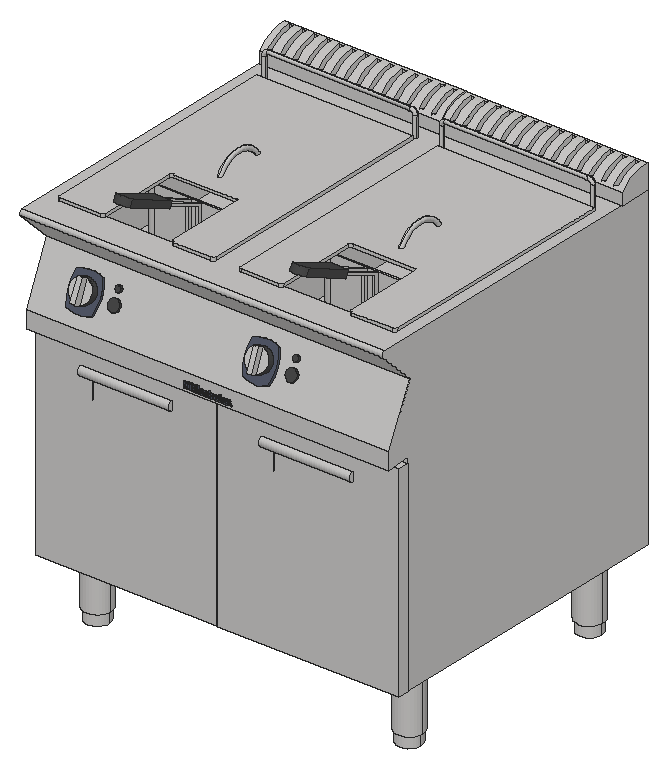
Revit family "QF_ELECTROLUXPROFESSIONAL_371425_E7KKBTBAMEI", category Attrezzature speciali, Revit 2018 (continued)
Automatic sketch dimensions
  Extrusion 20 sketch curve to plane 11 = 84.899 mm
  Extrusion 20 sketch curve to plane 10 "TOP A" = 7.522 mm
  Extrusion 20 sketch curve to Extrusion 20 sketch curve = 6.35 mm
  Extrusion 20 sketch curve to Extrusion 20 sketch curve = 97.432 mm
  Extrusion 21 sketch curve to plane 11 = 1.013 mm
  Extrusion 21 sketch curve to plane 11 = 3.696 mm
  Extrusion 21 sketch curve to plane 10 "TOP A" = 11.567 mm
  Extrusion 21 sketch curve to plane 11 = 84.899 mm
  Extrusion 21 sketch curve to Extrusion 21 sketch curve = 6.35 mm
  Extrusion 21 sketch curve to Extrusion 21 sketch curve = 97.432 mm
  Extrusion 21 sketch curve to plane 10 "TOP A" = 7.522 mm
  plane 1 "BACK" to Extrusion 23 sketch curve = 6.761 mm
  Extrusion 23 sketch curve to plane 7 "Center Y" = 15.351 mm
  Extrusion 23 sketch curve to Extrusion 23 sketch curve = 9.296 mm
  Extrusion 23 sketch curve to Extrusion 23 sketch curve = 57.15 mm
  plane 1 "BACK" to Extrusion 24 sketch curve = 6.761 mm
  plane 3 "LEFT" to Extrusion 24 sketch curve = 50.591 mm
  Extrusion 24 sketch curve to Extrusion 24 sketch curve = 9.296 mm
  Extrusion 24 sketch curve to Extrusion 24 sketch curve = 57.15 mm
  plane 1 "BACK" to Extrusion 25 sketch curve = 6.761 mm
  plane 3 "LEFT" to Extrusion 25 sketch curve = 78.433 mm
  Extrusion 25 sketch curve to Extrusion 25 sketch curve = 9.296 mm
  Extrusion 25 sketch curve to Extrusion 25 sketch curve = 57.15 mm
  plane 1 "BACK" to Extrusion 26 sketch curve = 6.761 mm
  plane 3 "LEFT" to Extrusion 26 sketch curve = 106.275 mm
  Extrusion 26 sketch curve to Extrusion 26 sketch curve = 9.296 mm
  Extrusion 26 sketch curve to Extrusion 26 sketch curve = 57.15 mm
  plane 1 "BACK" to Extrusion 27 sketch curve = 6.761 mm
  plane 3 "LEFT" to Extrusion 27 sketch curve = 134.118 mm
  Extrusion 27 sketch curve to Extrusion 27 sketch curve = 9.296 mm
  Extrusion 27 sketch curve to Extrusion 27 sketch curve = 57.15 mm
  plane 1 "BACK" to Extrusion 28 sketch curve = 6.761 mm
  plane 3 "LEFT" to Extrusion 28 sketch curve = 161.96 mm
  Extrusion 28 sketch curve to Extrusion 28 sketch curve = 9.296 mm
  Extrusion 28 sketch curve to Extrusion 28 sketch curve = 57.15 mm
  plane 1 "BACK" to Extrusion 29 sketch curve = 6.761 mm
  plane 3 "LEFT" to Extrusion 29 sketch curve = 189.802 mm
  Extrusion 29 sketch curve to Extrusion 29 sketch curve = 9.296 mm
  Extrusion 29 sketch curve to Extrusion 29 sketch curve = 57.15 mm
  plane 1 "BACK" to Extrusion 30 sketch curve = 6.761 mm
  Extrusion 30 sketch curve to plane 7 "Center Y" = 182.405 mm
  Extrusion 30 sketch curve to Extrusion 30 sketch curve = 9.296 mm
  Extrusion 30 sketch curve to Extrusion 30 sketch curve = 57.15 mm
  plane 1 "BACK" to Extrusion 31 sketch curve = 6.761 mm
  Extrusion 31 sketch curve to plane 7 "Center Y" = 154.563 mm
  Extrusion 31 sketch curve to Extrusion 31 sketch curve = 9.296 mm
  Extrusion 31 sketch curve to Extrusion 31 sketch curve = 57.15 mm
  plane 1 "BACK" to Extrusion 32 sketch curve = 6.761 mm
  Extrusion 32 sketch curve to plane 7 "Center Y" = 126.721 mm
  Extrusion 32 sketch curve to Extrusion 32 sketch curve = 9.296 mm
  Extrusion 32 sketch curve to Extrusion 32 sketch curve = 57.15 mm
  plane 1 "BACK" to Extrusion 33 sketch curve = 6.761 mm
  Extrusion 33 sketch curve to plane 7 "Center Y" = 98.878 mm
  Extrusion 33 sketch curve to Extrusion 33 sketch curve = 9.296 mm
  Extrusion 33 sketch curve to Extrusion 33 sketch curve = 57.15 mm
  plane 1 "BACK" to Extrusion 34 sketch curve = 6.761 mm
  Extrusion 34 sketch curve to plane 7 "Center Y" = 71.036 mm
  Extrusion 34 sketch curve to Extrusion 34 sketch curve = 9.296 mm
  Extrusion 34 sketch curve to Extrusion 34 sketch curve = 57.15 mm
  plane 1 "BACK" to Extrusion 35 sketch curve = 6.761 mm
  Extrusion 35 sketch curve to plane 7 "Center Y" = 43.194 mm
  Extrusion 35 sketch curve to Extrusion 35 sketch curve = 9.296 mm
  Extrusion 35 sketch curve to Extrusion 35 sketch curve = 57.15 mm
  Extrusion 37 sketch curve to plane 1 "BACK" = 6.761 mm
  Extrusion 37 sketch curve to plane 7 "Center Y" = 15.351 mm
  Extrusion 37 sketch curve to Extrusion 37 sketch curve = 9.296 mm
  Extrusion 37 sketch curve to Extrusion 37 sketch curve = 57.15 mm
  Extrusion 44 sketch curve to plane 1 "BACK" = 6.761 mm
  Extrusion 44 sketch curve to plane 7 "Center Y" = 182.405 mm
  Extrusion 44 sketch curve to Extrusion 44 sketch curve = 9.296 mm
  Extrusion 44 sketch curve to Extrusion 44 sketch curve = 57.15 mm
  Extrusion 45 sketch curve to plane 1 "BACK" = 6.761 mm
  Extrusion 45 sketch curve to plane 7 "Center Y" = 154.563 mm
  Extrusion 45 sketch curve to Extrusion 45 sketch curve = 9.296 mm
  Extrusion 45 sketch curve to Extrusion 45 sketch curve = 57.15 mm
  Extrusion 46 sketch curve to plane 1 "BACK" = 6.761 mm
  Extrusion 46 sketch curve to plane 7 "Center Y" = 126.721 mm
  Extrusion 46 sketch curve to Extrusion 46 sketch curve = 9.296 mm
  Extrusion 46 sketch curve to Extrusion 46 sketch curve = 57.15 mm
  Extrusion 47 sketch curve to plane 1 "BACK" = 6.761 mm
  Extrusion 47 sketch curve to plane 7 "Center Y" = 98.878 mm
  Extrusion 47 sketch curve to Extrusion 47 sketch curve = 9.296 mm
  Extrusion 47 sketch curve to Extrusion 47 sketch curve = 57.15 mm
  Extrusion 48 sketch curve to plane 1 "BACK" = 6.761 mm
  Extrusion 48 sketch curve to plane 7 "Center Y" = 71.036 mm
  Extrusion 48 sketch curve to Extrusion 48 sketch curve = 9.296 mm
  Extrusion 48 sketch curve to Extrusion 48 sketch curve = 57.15 mm
  Extrusion 49 sketch curve to plane 1 "BACK" = 6.761 mm
  Extrusion 49 sketch curve to plane 7 "Center Y" = 43.194 mm
  Extrusion 49 sketch curve to Extrusion 49 sketch curve = 9.296 mm
  Extrusion 49 sketch curve to Extrusion 49 sketch curve = 57.15 mm
  plane 1 "BACK" to Extrusion 50 sketch curve = 0 mm
  plane 7 "Center Y" to Extrusion 50 sketch curve = 1.587 mm
  Extrusion 50 sketch curve to plane 7 "Center Y" = 1.588 mm
  Extrusion 50 sketch curve to plane 1 "BACK" = 69.85 mm
  Extrusion 52 sketch curve to plane 5 "FRONT" = 42.863 mm
  Extrusion 52 sketch curve to Extrusion 52 sketch curve = 15 mm
  Extrusion 52 sketch curve to plane 9 "BASE" = 101.212 mm
  Extrusion 52 sketch curve to Extrusion 52 sketch curve = 41.212 mm
  Extrusion 53 sketch curve to plane 5 "FRONT" = 42.863 mm
  Extrusion 53 sketch curve to plane 9 "BASE" = 60 mm
  Extrusion 53 sketch curve to Extrusion 53 sketch curve = 10 mm
  Extrusion 54 sketch curve to plane 5 "FRONT" = 42.863 mm
  Extrusion 54 sketch curve to Extrusion 54 sketch curve = 15 mm
  Extrusion 54 sketch curve to plane 9 "BASE" = 60 mm
  Extrusion 54 sketch curve to Extrusion 54 sketch curve = 41.212 mm
  Extrusion 55 sketch curve to plane 5 "FRONT" = 42.863 mm
  Extrusion 55 sketch curve to plane 9 "BASE" = 40 mm
  Extrusion 55 sketch curve to Extrusion 55 sketch curve = 10 mm
  Revolve 56 sketch curve to level = 0 mm
  Revolve 56 sketch curve to plane 14 = 0 mm  (x2)
  level to Revolve 56 sketch curve = 25 mm
  Revolve 56 sketch curve to Revolve 56 sketch curve = 20 mm
  plane 3 "LEFT" to Revolve 56 sketch curve = 56 mm
  Revolve 56 sketch curve to Revolve 56 sketch curve = 0 mm
  plane 3 "LEFT" to Revolve 56 sketch curve = 29.75 mm
  plane 3 "LEFT" to Revolve 56 sketch curve = 26 mm
  Revolve 57 sketch curve to level = 0 mm
  Revolve 57 sketch curve to plane 14 = 0 mm  (x2)
  level to Revolve 57 sketch curve = 25 mm
  Revolve 57 sketch curve to Revolve 57 sketch curve = 20 mm
  plane 3 "LEFT" to Revolve 57 sketch curve = 56 mm
  Revolve 57 sketch curve to Revolve 57 sketch curve = 0 mm
  plane 3 "LEFT" to Revolve 57 sketch curve = 29.75 mm
  plane 3 "LEFT" to Revolve 57 sketch curve = 26 mm
  Extrusion 2 sketch curve to plane 10 "TOP A" = 0 mm
  Extrusion 2 sketch curve to plane 1 "BACK" = 0 mm
  Extrusion 2 sketch curve to plane 6 "TOP" = 0 mm
  plane 1 "BACK" to Extrusion 2 sketch curve = 1.769 mm
  plane 10 "TOP A" to Extrusion 2 sketch curve = 25.4 mm
  plane 1 "BACK" to Extrusion 2 sketch curve = 69.85 mm
  plane 12 to Extrusion 3 sketch curve = 0.124 mm  (x2)
  Extrusion 3 sketch curve to plane 4 "RIGHT" = 33.338 mm
  plane 7 "Center Y" to Extrusion 3 sketch curve = 26.988 mm
  Extrusion 3 sketch curve to plane 7 "Center Y" = 26.988 mm
  plane 3 "LEFT" to Extrusion 3 sketch curve = 33.338 mm
  plane 11 to Extrusion 3 sketch curve = 57.877 mm
  Extrusion 3 sketch curve to Extrusion 3 sketch curve = 0 mm
  Extrusion 5 sketch curve to Extrusion 1 = 31.333 mm  (x4)
  Extrusion 5 sketch curve to Extrusion 5 sketch curve = 12.3 mm  (x6)
  Extrusion 5 sketch curve to Extrusion 5 sketch curve = 34.925 mm  (x4)
  Extrusion 1 to Extrusion 5 sketch curve = 44.467 mm  (x2)
  Extrusion 1 to Extrusion 5 sketch curve = 248.835 mm
  Extrusion 5 sketch curve to Extrusion 5 sketch curve = 25.727 mm  (x4)
  Extrusion 5 sketch curve to Extrusion 5 sketch curve = 28.575 mm  (x2)
  Extrusion 1 to Extrusion 5 sketch curve = 162.442 mm
  Extrusion 6 sketch curve to Extrusion 6 sketch curve = 0 mm
  Extrusion 6 sketch curve to Extrusion 6 sketch curve = 388.937 mm
  Extrusion 7 sketch curve to Extrusion 7 sketch curve = 24.732 mm  (x2)
  Extrusion 7 sketch curve to Extrusion 7 sketch curve = 0 mm  (x2)
  Extrusion 1 to Extrusion 8 sketch curve = 39.678 mm  (x2)
  Extrusion 1 to Extrusion 8 sketch curve = 234.515 mm
  Extrusion 1 to Extrusion 8 sketch curve = 173.473 mm
  Extrusion 9 sketch curve to Extrusion 1 = 63.309 mm  (x2)
  Extrusion 1 to Extrusion 9 sketch curve = 234.515 mm
  Extrusion 1 to Extrusion 9 sketch curve = 173.473 mm
  plane 1 "BACK" to Extrusion 10 sketch curve = 0 mm
  Extrusion 10 sketch curve to plane 3 "LEFT" = 0 mm
  Extrusion 10 sketch curve to plane 4 "RIGHT" = 0 mm
  Extrusion 10 sketch curve to plane 3 "LEFT" = 150.019 mm
  plane 5 "FRONT" to Extrusion 10 sketch curve = 1.377 mm  (x2)
  plane 4 "RIGHT" to Extrusion 10 sketch curve = 150.019 mm
  Extrusion 10 sketch curve to plane 1 "BACK" = 150.019 mm
  curve 168 to plane 4 "RIGHT" = 0 mm
  curve 7 to plane 4 "RIGHT" = 0 mm
  plane 5 "FRONT" to curve 169 = 0 mm
  plane 1 "BACK" to curve 163 = 0 mm
  curve 6 to plane 3 "LEFT" = 0 mm
  curve 166 to plane 3 "LEFT" = 0 mm
  plane 4 "RIGHT" to curve 3 = 150.019 mm
  curve 122 to curve 121 = 9.296 mm
  curve 56 to plane 4 "RIGHT" = 26.987 mm
  curve 44 to curve 44 = 6.35 mm
  curve 43 to curve 78 = 10.61 mm
  plane 1 "BACK" to curve 129 = 6.761 mm
  curve 121 to curve 129 = 18.547 mm
  curve 128 to curve 127 = 9.296 mm
  curve 127 to curve 131 = 18.547 mm
  curve 169 to plane 4 "RIGHT" = 74.24 mm
  curve 131 to curve 132 = 9.296 mm
  curve 130 to curve 134 = 18.547 mm
  curve 169 to curve 46 = 47.997 mm
  curve 48 to plane 4 "RIGHT" = 128.587 mm
  curve 47 to curve 48 = 6.35 mm
  plane 1 "BACK" to curve 140 = 6.761 mm
  curve 136 to curve 140 = 18.547 mm
  curve 140 to curve 139 = 9.296 mm
  curve 47 to curve 67 = 54.879 mm
  curve 60 to curve 67 = 0 mm
  curve 60 to curve 67 = 3.442 mm
  curve 143 to curve 142 = 9.296 mm
  curve 58 to curve 64 = 4.079 mm
  curve 48 to curve 68 = 60.633 mm
  curve 64 to curve 63 = 5.857 mm
  curve 68 to curve 70 = 4.449 mm
  curve 67 to curve 60 = 18.617 mm
  curve 67 to curve 60 = 0 mm
  curve 63 to curve 66 = 17.363 mm
  curve 146 to curve 147 = 9.296 mm
  curve 66 to curve 65 = 5.857 mm
  curve 61 to curve 62 = 37.235 mm
  plane 1 "BACK" to curve 150 = 6.761 mm
  curve 145 to curve 150 = 18.547 mm
  curve 149 to curve 148 = 9.296 mm
  curve 65 to curve 50 = 51.399 mm
  curve 152 to curve 151 = 9.296 mm
  curve 62 to curve 62 = 53.67 mm
  curve 51 to curve 53 = 6.35 mm
  plane 1 "BACK" to curve 156 = 6.761 mm
  curve 151 to curve 156 = 18.547 mm
  curve 155 to curve 156 = 9.296 mm
  curve 158 to curve 159 = 9.296 mm
  plane 7 "Center Y" to curve 169 = 54.971 mm
  curve 157 to curve 161 = 18.547 mm
  curve 161 to curve 160 = 9.296 mm
  plane 7 "Center Y" to curve 53 = 33.338 mm
  plane 7 "Center Y" to curve 79 = 28.891 mm
  curve 54 to curve 54 = 6.35 mm
  curve 160 to curve 125 = 18.547 mm
  curve 125 to curve 124 = 9.296 mm
  plane 7 "Center Y" to curve 168 = 3.9 mm
  plane 7 "Center Y" to curve 163 = 1.588 mm
  curve 164 to plane 7 "Center Y" = 1.587 mm
  curve 166 to plane 7 "Center Y" = 3.9 mm
  plane 1 "BACK" to curve 82 = 6.761 mm
  curve 164 to curve 82 = 13.764 mm
  curve 24 to plane 7 "Center Y" = 26.988 mm
  curve 23 to curve 77 = 1.903 mm
  curve 22 to curve 22 = 6.35 mm
  curve 83 to curve 118 = 18.547 mm
  curve 118 to curve 120 = 9.296 mm
  curve 167 to plane 7 "Center Y" = 54.971 mm
  curve 116 to curve 112 = 18.547 mm
  curve 112 to curve 113 = 9.296 mm
  curve 22 to curve 20 = 82.55 mm
  curve 18 to plane 7 "Center Y" = 122.238 mm
  plane 1 "BACK" to curve 109 = 6.761 mm
  curve 113 to curve 109 = 18.547 mm
  curve 18 to curve 17 = 6.35 mm
  curve 109 to curve 110 = 9.296 mm
  plane 1 "BACK" to curve 108 = 6.761 mm
  curve 110 to curve 108 = 18.547 mm
  curve 106 to curve 107 = 9.296 mm
  curve 27 to plane 11 = 5.711 mm
  curve 19 to curve 27 = 53.67 mm
  curve 26 to curve 34 = 4.079 mm
  curve 107 to curve 103 = 18.547 mm
  curve 34 to curve 35 = 5.857 mm
  curve 103 to curve 104 = 9.296 mm
  curve 36 to curve 36 = 18.617 mm
  curve 29 to curve 36 = 0 mm
  plane 8 "Center X" to curve 38 = 38.031 mm
  curve 18 to curve 38 = 66.994 mm
  curve 40 to curve 40 = 4.449 mm
  curve 35 to curve 32 = 17.363 mm
  curve 32 to curve 33 = 5.857 mm
  plane 1 "BACK" to curve 102 = 6.761 mm
  curve 104 to curve 102 = 18.547 mm
  curve 33 to curve 28 = 4.079 mm
  curve 36 to curve 36 = 3.442 mm
  curve 36 to curve 29 = 3.442 mm
  curve 100 to curve 101 = 9.296 mm
  curve 101 to curve 97 = 18.547 mm
  curve 97 to curve 99 = 9.296 mm
  curve 33 to curve 17 = 56.049 mm
  plane 1 "BACK" to curve 94 = 6.761 mm
  curve 98 to curve 94 = 18.547 mm
  curve 16 to curve 15 = 6.35 mm
  curve 94 to curve 95 = 9.296 mm
  curve 15 to curve 14 = 6.35 mm
  curve 95 to curve 91 = 18.547 mm
  plane 1 "BACK" to curve 88 = 6.761 mm
  curve 92 to curve 88 = 18.547 mm
  curve 167 to curve 5 = 74.24 mm
  curve 88 to curve 90 = 9.296 mm
  plane 3 "LEFT" to curve 75 = 37.598 mm
  plane 3 "LEFT" to curve 12 = 33.338 mm
  curve 75 to curve 11 = 10.61 mm
  curve 8 to curve 9 = 9.296 mm
  plane 5 "FRONT" to curve 1 = 1.377 mm
  curve 1 to plane 3 "LEFT" = 150.019 mm
  curve 1 to plane 1 "BACK" = 150.019 mm
  plane 1 "BACK" to curve 162 = 6.761 mm
  plane 1 "BACK" to curve 98 = 6.761 mm
  plane 1 "BACK" to curve 8 = 6.761 mm
  plane 1 "BACK" to curve 93 = 6.761 mm
  plane 1 "BACK" to curve 159 = 6.761 mm
  plane 1 "BACK" to curve 87 = 6.761 mm
  plane 1 "BACK" to curve 153 = 6.761 mm
  plane 1 "BACK" to curve 147 = 6.761 mm
  plane 1 "BACK" to curve 103 = 6.761 mm
  plane 1 "BACK" to curve 144 = 6.761 mm
  plane 1 "BACK" to curve 138 = 6.761 mm
  plane 1 "BACK" to curve 112 = 6.761 mm
  plane 1 "BACK" to curve 135 = 6.761 mm
  plane 1 "BACK" to curve 115 = 6.761 mm
  plane 1 "BACK" to curve 132 = 6.761 mm
  plane 1 "BACK" to curve 118 = 6.761 mm
  plane 1 "BACK" to curve 121 = 6.761 mm
  plane 1 "BACK" to curve 126 = 6.761 mm
  curve 125 to curve 125 = 57.15 mm
  curve 127 to curve 121 = 0 mm
  curve 130 to curve 127 = 0 mm
  curve 133 to curve 130 = 0 mm
  curve 136 to curve 133 = 0 mm
  curve 139 to curve 136 = 0 mm
  curve 142 to curve 139 = 0 mm
  curve 145 to curve 142 = 0 mm
  curve 118 to curve 82 = 0 mm
  curve 148 to curve 145 = 0 mm
  curve 8 to curve 85 = 0 mm
  curve 151 to curve 148 = 0 mm
  curve 85 to curve 88 = 0 mm
  curve 154 to curve 151 = 0 mm
  curve 88 to curve 91 = 0 mm
  curve 157 to curve 154 = 0 mm
  curve 94 to curve 98 = 0 mm
  curve 125 to curve 160 = 0 mm
  curve 82 to curve 164 = 5.939 mm
  curve 25 to curve 165 = 0 mm
  curve 125 to curve 78 = 36.504 mm
  curve 83 to curve 77 = 36.504 mm
  curve 74 to curve 75 = 7.655 mm
  curve 78 to curve 79 = 7.655 mm
  curve 79 to curve 56 = 4.767 mm
  curve 75 to curve 11 = 4.767 mm
  plane 8 "Center X" to curve 71 = 38.031 mm
  curve 37 to plane 8 "Center X" = 63.432 mm
  curve 70 to plane 8 "Center X" = 63.432 mm
  curve 69 to curve 50 = 46.229 mm
  curve 37 to curve 16 = 46.229 mm
  curve 50 to curve 72 = 22.324 mm
  curve 16 to curve 41 = 22.324 mm
  curve 72 to curve 73 = 3.175 mm
  curve 41 to curve 42 = 3.175 mm
  curve 66 to plane 11 = 5.711 mm
  plane 11 to curve 55 = 57.877 mm
  plane 11 to curve 19 = 57.877 mm
  plane 11 to curve 43 = 57.877 mm
  plane 11 to curve 15 = 57.877 mm
  curve 11 to curve 166 = 31.626 mm
  curve 43 to curve 168 = 31.626 mm
  curve 30 to curve 36 = 33.188 mm
  curve 61 to curve 67 = 33.188 mm
  curve 67 to curve 60 = 6.713 mm
  curve 36 to curve 29 = 6.713 mm  (x2)
  curve 29 to curve 36 = 4.011 mm
  curve 60 to curve 67 = 4.011 mm
  curve 67 to curve 59 = 6.713 mm
  plane 5 "FRONT" to curve 3 = 1.377 mm
  Extrusion 11 sketch curve to plane 4 "RIGHT" = 26.988 mm
  Extrusion 11 sketch curve to Extrusion 11 sketch curve = 6.35 mm  (x8)
  Extrusion 11 sketch curve to Extrusion 11 sketch curve = 88.9 mm
  Extrusion 11 sketch curve to plane 4 "RIGHT" = 128.588 mm
  plane 7 "Center Y" to Extrusion 11 sketch curve = 128.588 mm
  plane 11 to Extrusion 11 sketch curve = 57.877 mm  (x4)
  plane 7 "Center Y" to Extrusion 11 sketch curve = 122.238 mm
  plane 7 "Center Y" to Extrusion 11 sketch curve = 33.338 mm
  Extrusion 11 sketch curve to plane 7 "Center Y" = 26.988 mm
  Extrusion 11 sketch curve to Extrusion 11 sketch curve = 82.55 mm
  plane 3 "LEFT" to Extrusion 11 sketch curve = 134.938 mm
  plane 3 "LEFT" to Extrusion 11 sketch curve = 128.588 mm
  plane 3 "LEFT" to Extrusion 11 sketch curve = 33.338 mm
  plane 3 "LEFT" to Extrusion 11 sketch curve = 26.988 mm
  Extrusion 11 sketch curve to plane 8 "Center X" = 116.012 mm  (x2)
  Extrusion 11 sketch curve to plane 12 = 34.801 mm  (x2)
  Sweep 12 sketch curve to plane 10 "TOP A" = 0 mm  (x2)
  Sweep 12 sketch curve to plane 6 "TOP" = 9.525 mm
  plane 3 "LEFT" to Sweep 12 sketch curve = 39.688 mm
  Sweep 12 sketch curve to Sweep 12 sketch curve = 6.35 mm  (x2)
  Sweep 12 sketch curve to plane 7 "Center Y" = 37.331 mm
  Sweep 12 sketch curve to profile plane = 2.09 mm
  profile plane to Sweep 12 sketch curve = 140.754 mm
  Extrusion 19 sketch curve to Extrusion 19 sketch curve = 0 mm  (x16)
  Extrusion 19 sketch curve to plane 4 "RIGHT" = 91.225 mm
  Extrusion 19 sketch curve to Extrusion 19 sketch curve = 3.175 mm  (x2)
  Extrusion 19 sketch curve to Extrusion 19 sketch curve = 22.225 mm  (x6)
  plane 7 "Center Y" to Extrusion 19 sketch curve = 105.625 mm  (x2)
  plane 12 to Extrusion 19 sketch curve = 44.673 mm
  Extrusion 19 sketch curve to plane 7 "Center Y" = 80.225 mm
  plane 3 "LEFT" to Extrusion 19 sketch curve = 116.625 mm  (x2)
  plane 12 to Extrusion 19 sketch curve = 41.498 mm
  Extrusion 19 sketch curve to plane 8 "Center X" = 116.11 mm  (x2)
  Sweep 22 sketch curve to plane 10 "TOP A" = 0 mm  (x2)
  Sweep 22 sketch curve to plane 6 "TOP" = 9.525 mm
  Sweep 22 sketch curve to plane 4 "RIGHT" = 39.688 mm
  Sweep 22 sketch curve to Sweep 22 sketch curve = 6.35 mm  (x2)
  plane 7 "Center Y" to Sweep 22 sketch curve = 37.331 mm
  profile plane to Sweep 22 sketch curve = 2.09 mm
  profile plane to Sweep 22 sketch curve = 140.754 mm
  Extrusion 36 sketch curve to plane 1 "BACK" = 6.761 mm
  plane 4 "RIGHT" to Extrusion 36 sketch curve = 22.749 mm
  Extrusion 36 sketch curve to Extrusion 36 sketch curve = 9.296 mm
  Extrusion 36 sketch curve to Extrusion 36 sketch curve = 57.15 mm
  Extrusion 38 sketch curve to plane 1 "BACK" = 6.761 mm
  plane 4 "RIGHT" to Extrusion 38 sketch curve = 50.591 mm
  Extrusion 38 sketch curve to Extrusion 38 sketch curve = 9.296 mm
  Extrusion 38 sketch curve to Extrusion 38 sketch curve = 57.15 mm
  Extrusion 39 sketch curve to plane 1 "BACK" = 6.761 mm
  plane 4 "RIGHT" to Extrusion 39 sketch curve = 78.433 mm
  Extrusion 39 sketch curve to Extrusion 39 sketch curve = 9.296 mm
  Extrusion 39 sketch curve to Extrusion 39 sketch curve = 57.15 mm
  Extrusion 40 sketch curve to plane 1 "BACK" = 6.761 mm
  plane 4 "RIGHT" to Extrusion 40 sketch curve = 106.275 mm
  Extrusion 40 sketch curve to Extrusion 40 sketch curve = 9.296 mm
  Extrusion 40 sketch curve to Extrusion 40 sketch curve = 57.15 mm
  Extrusion 41 sketch curve to plane 1 "BACK" = 6.761 mm
  plane 4 "RIGHT" to Extrusion 41 sketch curve = 134.118 mm
  Extrusion 41 sketch curve to Extrusion 41 sketch curve = 9.296 mm
  Extrusion 41 sketch curve to Extrusion 41 sketch curve = 57.15 mm
  Extrusion 42 sketch curve to plane 1 "BACK" = 6.761 mm
  plane 4 "RIGHT" to Extrusion 42 sketch curve = 161.96 mm
  Extrusion 42 sketch curve to Extrusion 42 sketch curve = 9.296 mm
  Extrusion 42 sketch curve to Extrusion 42 sketch curve = 57.15 mm
  Extrusion 43 sketch curve to plane 1 "BACK" = 6.761 mm
  plane 4 "RIGHT" to Extrusion 43 sketch curve = 189.802 mm
  Extrusion 43 sketch curve to Extrusion 43 sketch curve = 9.296 mm
  Extrusion 43 sketch curve to Extrusion 43 sketch curve = 57.15 mm
  Extrusion 51 sketch curve to Extrusion 1 = 0 mm
  Extrusion 1 to Extrusion 51 sketch curve = 12.7 mm
  Extrusion 1 to Extrusion 51 sketch curve = 398.463 mm
  Extrusion 51 sketch curve to Extrusion 51 sketch curve = 3.175 mm
  Revolve 58 sketch curve to level = 0 mm
  Revolve 58 sketch curve to plane 14 = 0 mm  (x2)
  level to Revolve 58 sketch curve = 25 mm
  Revolve 58 sketch curve to Revolve 58 sketch curve = 20 mm
  Revolve 58 sketch curve to plane 4 "RIGHT" = 26 mm
  Revolve 58 sketch curve to Revolve 58 sketch curve = 3.75 mm
  Revolve 58 sketch curve to Revolve 58 sketch curve = 30 mm
  Revolve 58 sketch curve to Revolve 58 sketch curve = 0 mm
  Revolve 59 sketch curve to level = 0 mm
  Revolve 59 sketch curve to plane 14 = 0 mm  (x2)
  level to Revolve 59 sketch curve = 25 mm
  Revolve 59 sketch curve to Revolve 59 sketch curve = 20 mm
  Revolve 59 sketch curve to plane 4 "RIGHT" = 26 mm
  Revolve 59 sketch curve to Revolve 59 sketch curve = 3.75 mm
  Revolve 59 sketch curve to Revolve 59 sketch curve = 30 mm
  Revolve 59 sketch curve to Revolve 59 sketch curve = 0 mm
  Extrusion 60 sketch curve to plane 4 "RIGHT" = 0 mm
  Extrusion 60 sketch curve to plane 3 "LEFT" = 0 mm
  plane 7 "Center Y" to Extrusion 60 sketch curve = 1.588 mm
  Extrusion 60 sketch curve to plane 7 "Center Y" = 1.588 mm
  Extrusion 60 sketch curve to plane 5 "FRONT" = 42.863 mm  (x2)
  Extrusion 61 sketch curve to plane 4 "RIGHT" = 56 mm
  Extrusion 61 sketch curve to plane 11 = 92.884 mm
  plane 3 "LEFT" to curve 170 = 13.453 mm
  curve 170 to curve 170 = 9.296 mm
  curve 170 to curve 172 = 18.547 mm
  curve 172 to curve 172 = 9.296 mm
  curve 172 to curve 173 = 18.547 mm
  curve 173 to curve 173 = 9.296 mm
  curve 173 to curve 174 = 18.547 mm
  curve 174 to curve 174 = 9.296 mm
  curve 174 to curve 175 = 18.547 mm
  curve 175 to curve 175 = 9.296 mm
  curve 175 to curve 176 = 18.547 mm
  curve 176 to curve 176 = 9.296 mm
  curve 176 to curve 177 = 18.547 mm
  curve 177 to curve 177 = 9.296 mm
  curve 177 to curve 178 = 18.547 mm
  curve 178 to curve 178 = 9.296 mm
  curve 178 to curve 179 = 18.547 mm
  curve 179 to curve 179 = 9.296 mm
  curve 179 to curve 180 = 18.547 mm
  curve 180 to curve 180 = 9.296 mm
  curve 180 to curve 181 = 18.547 mm
  curve 181 to curve 181 = 9.296 mm
  curve 181 to curve 182 = 18.547 mm
  curve 182 to curve 182 = 9.296 mm
  curve 182 to curve 183 = 18.547 mm
  curve 183 to curve 183 = 9.296 mm
  curve 183 to curve 171 = 18.547 mm
  curve 171 to curve 171 = 9.296 mm
  plane 7 "Center Y" to curve 185 = 15.351 mm
  curve 185 to curve 185 = 9.296 mm
  curve 185 to curve 197 = 18.547 mm
  curve 197 to curve 197 = 9.296 mm
  curve 197 to curve 196 = 18.547 mm
  curve 196 to curve 196 = 9.296 mm
  curve 196 to curve 195 = 18.547 mm
  curve 195 to curve 195 = 9.296 mm
  curve 195 to curve 194 = 18.547 mm
  curve 194 to curve 194 = 9.296 mm
  curve 194 to curve 193 = 18.547 mm
  curve 193 to curve 193 = 9.296 mm
  curve 193 to curve 192 = 18.547 mm
  curve 192 to curve 192 = 9.296 mm
  curve 192 to curve 191 = 18.547 mm
  curve 191 to curve 191 = 9.296 mm
  curve 191 to curve 190 = 18.547 mm
  curve 190 to curve 190 = 9.296 mm
  curve 190 to curve 189 = 18.547 mm
  curve 189 to curve 189 = 9.296 mm
  curve 189 to curve 188 = 18.547 mm
  curve 188 to curve 188 = 9.296 mm
  curve 188 to curve 187 = 18.547 mm
  curve 187 to curve 187 = 9.296 mm
  curve 187 to curve 186 = 18.547 mm
  curve 186 to curve 186 = 9.296 mm
  curve 186 to curve 184 = 18.547 mm
  curve 184 to curve 184 = 9.296 mm
  plane 1 "BACK" to curve 170 = 63.911 mm
  plane 1 "BACK" to curve 171 = 63.911 mm
  curve 170 to curve 172 = 0 mm
  curve 172 to curve 173 = 0 mm
  curve 173 to curve 174 = 0 mm
  curve 174 to curve 175 = 0 mm
  curve 175 to curve 176 = 0 mm
  curve 176 to curve 177 = 0 mm
  curve 177 to curve 178 = 0 mm
  curve 178 to curve 179 = 0 mm
  curve 179 to curve 180 = 0 mm
  curve 180 to curve 181 = 0 mm
  curve 181 to curve 182 = 0 mm
  curve 182 to curve 183 = 0 mm
  plane 1 "BACK" to curve 184 = 63.911 mm
  curve 171 to curve 185 = 0 mm
  curve 186 to curve 184 = 0 mm
  curve 187 to curve 186 = 0 mm
  curve 188 to curve 187 = 0 mm
  curve 189 to curve 188 = 0 mm
  curve 190 to curve 189 = 0 mm
  curve 191 to curve 190 = 0 mm
  curve 192 to curve 191 = 0 mm
  curve 193 to curve 192 = 0 mm
  curve 194 to curve 193 = 0 mm
  curve 195 to curve 194 = 0 mm
  curve 196 to curve 195 = 0 mm
  curve 197 to curve 196 = 0 mm
  curve 122 to plane 4 "RIGHT" = 13.453 mm
  curve 134 to curve 133 = 9.296 mm
  curve 133 to curve 138 = 18.547 mm
  curve 137 to curve 138 = 9.296 mm
  curve 139 to curve 143 = 18.547 mm
  curve 142 to curve 146 = 18.547 mm
  curve 148 to curve 152 = 18.547 mm
  curve 154 to curve 158 = 18.547 mm
  curve 82 to curve 84 = 9.296 mm
  curve 119 to curve 115 = 18.547 mm
  curve 115 to curve 116 = 9.296 mm
  curve 91 to curve 92 = 9.296 mm
  curve 89 to curve 85 = 18.547 mm
  curve 85 to curve 86 = 9.296 mm
  curve 86 to curve 10 = 18.547 mm
  curve 112 to curve 112 = 57.15 mm
  curve 113 to curve 112 = 0 mm
  curve 112 to curve 115 = 0 mm
  curve 116 to curve 115 = 0 mm
  curve 115 to curve 118 = 0 mm
  curve 110 to curve 113 = 0 mm
  curve 110 to curve 109 = 0 mm
  curve 119 to curve 118 = 0 mm
  curve 121 to curve 165 = 5.939 mm
  curve 121 to curve 122 = 0 mm
  curve 124 to curve 125 = 0 mm
  curve 107 to curve 110 = 0 mm
  curve 107 to curve 106 = 0 mm
  curve 127 to curve 128 = 0 mm
  curve 104 to curve 107 = 0 mm
  curve 104 to curve 103 = 0 mm
  curve 130 to curve 131 = 0 mm
  curve 133 to curve 134 = 0 mm
  curve 101 to curve 104 = 0 mm
  curve 101 to curve 100 = 0 mm
  curve 136 to curve 137 = 0 mm
  curve 139 to curve 140 = 0 mm
  curve 98 to curve 101 = 0 mm
  curve 98 to curve 97 = 0 mm
  curve 142 to curve 143 = 0 mm
  curve 86 to curve 25 = 5.939 mm
  curve 86 to curve 85 = 0 mm
  curve 95 to curve 94 = 0 mm
  curve 145 to curve 146 = 0 mm
  curve 148 to curve 149 = 0 mm
  curve 92 to curve 91 = 0 mm
  curve 151 to curve 152 = 0 mm
  curve 154 to curve 155 = 0 mm
  curve 89 to curve 88 = 0 mm
  curve 9 to curve 8 = 0 mm
  curve 160 to curve 161 = 0 mm
  curve 83 to curve 82 = 0 mm
  curve 157 to curve 158 = 0 mm
  plane 9 "BASE" to Extrusion 62 sketch curve = 9.251 mm
  plane 9 "BASE" to Extrusion 62 sketch curve = 14.292 mm
  plane 7 "Center Y" to Extrusion 62 sketch curve = 5.651 mm
  plane 9 "BASE" to Extrusion 62 sketch curve = 14.311 mm
  Extrusion 62 sketch curve to Extrusion 62 sketch curve = 0 mm  (x28)
  Extrusion 62 sketch curve to Extrusion 62 sketch curve = 5.108 mm  (x2)
  Extrusion 62 sketch curve to Extrusion 62 sketch curve = 0.054 mm
  Extrusion 62 sketch curve to Extrusion 62 sketch curve = 0.218 mm
  Extrusion 62 sketch curve to Extrusion 62 sketch curve = 0.195 mm
  Extrusion 62 sketch curve to Extrusion 62 sketch curve = 0.249 mm
  plane 9 "BASE" to Extrusion 62 sketch curve = 14.608 mm
  Extrusion 62 sketch curve to Extrusion 62 sketch curve = 0.087 mm
  Extrusion 62 sketch curve to Extrusion 62 sketch curve = 0.358 mm
  Extrusion 62 sketch curve to Extrusion 62 sketch curve = 0.481 mm
  Extrusion 62 sketch curve to Extrusion 62 sketch curve = 0.597 mm
  Extrusion 62 sketch curve to Extrusion 62 sketch curve = 0.544 mm
  Extrusion 62 sketch curve to Extrusion 62 sketch curve = 0.936 mm
  Extrusion 62 sketch curve to Extrusion 62 sketch curve = 0.594 mm
  Extrusion 62 sketch curve to Extrusion 62 sketch curve = 0.343 mm
  Extrusion 62 sketch curve to Extrusion 62 sketch curve = 0.159 mm
  Extrusion 62 sketch curve to Extrusion 62 sketch curve = 0.826 mm
  Extrusion 62 sketch curve to Extrusion 62 sketch curve = 0.839 mm
  Extrusion 62 sketch curve to Extrusion 62 sketch curve = 0.852 mm
  Extrusion 62 sketch curve to Extrusion 62 sketch curve = 0.887 mm
  Extrusion 62 sketch curve to Extrusion 62 sketch curve = 0.928 mm
  Extrusion 62 sketch curve to Extrusion 62 sketch curve = 0.938 mm
  Extrusion 62 sketch curve to Extrusion 62 sketch curve = 0.444 mm
  Extrusion 62 sketch curve to Extrusion 62 sketch curve = 1.11 mm  (x3)
  Extrusion 62 sketch curve to Extrusion 62 sketch curve = 0.215 mm
  plane 7 "Center Y" to Extrusion 62 sketch curve = 0.014 mm
  Extrusion 62 sketch curve to Extrusion 62 sketch curve = 1.43 mm
  Extrusion 62 sketch curve to Extrusion 62 sketch curve = 1.188 mm
  Extrusion 62 sketch curve to Extrusion 62 sketch curve = 1.21 mm  (x2)
  Extrusion 62 sketch curve to Extrusion 62 sketch curve = 0.503 mm
  Extrusion 62 sketch curve to Extrusion 62 sketch curve = 0.488 mm
  Extrusion 62 sketch curve to Extrusion 62 sketch curve = 0.462 mm
  Extrusion 62 sketch curve to Extrusion 62 sketch curve = 1.386 mm
  Extrusion 62 sketch curve to Extrusion 62 sketch curve = 1.742 mm  (x2)
  Extrusion 62 sketch curve to Extrusion 62 sketch curve = 0.821 mm
  Extrusion 62 sketch curve to Extrusion 62 sketch curve = 0.497 mm
  Extrusion 62 sketch curve to Extrusion 62 sketch curve = 0.539 mm
  Extrusion 62 sketch curve to Extrusion 62 sketch curve = 0.686 mm
  Extrusion 62 sketch curve to plane 7 "Center Y" = 0.36 mm
  Extrusion 62 sketch curve to Extrusion 62 sketch curve = 0.408 mm
  Extrusion 62 sketch curve to Extrusion 62 sketch curve = 0.743 mm
  Extrusion 62 sketch curve to Extrusion 62 sketch curve = 1.16 mm
  Extrusion 62 sketch curve to Extrusion 62 sketch curve = 0.329 mm
  Extrusion 62 sketch curve to Extrusion 62 sketch curve = 1.054 mm
  Extrusion 62 sketch curve to Extrusion 62 sketch curve = 1.056 mm
  Extrusion 62 sketch curve to Extrusion 62 sketch curve = 0.129 mm
  Extrusion 62 sketch curve to Extrusion 62 sketch curve = 0.489 mm
  Extrusion 62 sketch curve to Extrusion 62 sketch curve = 0.441 mm
  Extrusion 62 sketch curve to Extrusion 62 sketch curve = 1.151 mm
  Extrusion 62 sketch curve to Extrusion 62 sketch curve = 1.141 mm  (x2)
  Extrusion 62 sketch curve to Extrusion 62 sketch curve = 0.768 mm
  Extrusion 62 sketch curve to Extrusion 62 sketch curve = 1.653 mm
  Extrusion 62 sketch curve to Extrusion 62 sketch curve = 0.499 mm
  Extrusion 62 sketch curve to Extrusion 62 sketch curve = 0.964 mm
  Extrusion 62 sketch curve to Extrusion 62 sketch curve = 0.949 mm
  Extrusion 62 sketch curve to Extrusion 62 sketch curve = 1.345 mm  (x2)
  Extrusion 62 sketch curve to Extrusion 62 sketch curve = 0.137 mm  (x2)
  Extrusion 62 sketch curve to Extrusion 62 sketch curve = 0.432 mm
  Extrusion 62 sketch curve to Extrusion 62 sketch curve = 1.142 mm
  Extrusion 62 sketch curve to Extrusion 62 sketch curve = 0.959 mm
  Extrusion 62 sketch curve to Extrusion 62 sketch curve = 0.176 mm
  Extrusion 62 sketch curve to Extrusion 62 sketch curve = 0.728 mm
  Extrusion 62 sketch curve to Extrusion 62 sketch curve = 3.375 mm  (x2)
  Extrusion 62 sketch curve to Extrusion 62 sketch curve = 1.905 mm
  Extrusion 62 sketch curve to Extrusion 62 sketch curve = 0.955 mm
  Extrusion 62 sketch curve to Extrusion 62 sketch curve = 1.251 mm
  Extrusion 62 sketch curve to Extrusion 62 sketch curve = 0.572 mm
  Extrusion 62 sketch curve to Extrusion 62 sketch curve = 1.92 mm
  Extrusion 62 sketch curve to Extrusion 62 sketch curve = 1.224 mm
  Extrusion 62 sketch curve to Extrusion 62 sketch curve = 0.745 mm
  Extrusion 62 sketch curve to Extrusion 62 sketch curve = 0.036 mm
  Extrusion 62 sketch curve to Extrusion 62 sketch curve = 0.896 mm  (x3)
  Extrusion 62 sketch curve to Extrusion 62 sketch curve = 2.607 mm
  Extrusion 62 sketch curve to Extrusion 62 sketch curve = 0.066 mm
  Extrusion 62 sketch curve to Extrusion 62 sketch curve = 0.248 mm
  Extrusion 62 sketch curve to Extrusion 62 sketch curve = 0.449 mm
  Extrusion 62 sketch curve to Extrusion 62 sketch curve = 1.052 mm
  Extrusion 62 sketch curve to Extrusion 62 sketch curve = 1.863 mm
  Extrusion 62 sketch curve to Extrusion 62 sketch curve = 1.31 mm  (x2)
  Extrusion 62 sketch curve to Extrusion 62 sketch curve = 0.901 mm
  Extrusion 62 sketch curve to Extrusion 62 sketch curve = 1.107 mm
  Extrusion 62 sketch curve to Extrusion 62 sketch curve = 2.122 mm
  Extrusion 62 sketch curve to Extrusion 62 sketch curve = 2.101 mm
  Extrusion 62 sketch curve to Extrusion 62 sketch curve = 0.106 mm
  Extrusion 62 sketch curve to Extrusion 62 sketch curve = 0.029 mm
  Extrusion 62 sketch curve to Extrusion 62 sketch curve = 2.09 mm
  Extrusion 62 sketch curve to Extrusion 62 sketch curve = 1.279 mm
  Extrusion 62 sketch curve to Extrusion 62 sketch curve = 2.008 mm
  Extrusion 62 sketch curve to Extrusion 62 sketch curve = 0.738 mm
  Extrusion 62 sketch curve to Extrusion 62 sketch curve = 0.382 mm
  Extrusion 62 sketch curve to Extrusion 62 sketch curve = 0.384 mm
  Extrusion 62 sketch curve to Extrusion 62 sketch curve = 0.002 mm
  Extrusion 62 sketch curve to Extrusion 62 sketch curve = 0.561 mm
  Extrusion 62 sketch curve to Extrusion 62 sketch curve = 0.592 mm
  Extrusion 62 sketch curve to Extrusion 62 sketch curve = 2.692 mm
  Extrusion 62 sketch curve to Extrusion 62 sketch curve = 1.259 mm
  Extrusion 62 sketch curve to Extrusion 62 sketch curve = 0.802 mm
  Extrusion 62 sketch curve to Extrusion 62 sketch curve = 1.024 mm
  Extrusion 62 sketch curve to Extrusion 62 sketch curve = 0.682 mm
  Extrusion 62 sketch curve to Extrusion 62 sketch curve = 5.934 mm
  Extrusion 62 sketch curve to Extrusion 62 sketch curve = 2.186 mm
  Extrusion 62 sketch curve to Extrusion 62 sketch curve = 0.337 mm
  Extrusion 62 sketch curve to Extrusion 62 sketch curve = 0.021 mm
  Extrusion 62 sketch curve to Extrusion 62 sketch curve = 1.005 mm
  Extrusion 62 sketch curve to Extrusion 62 sketch curve = 0.552 mm
  Extrusion 62 sketch curve to Extrusion 62 sketch curve = 0.778 mm
  Extrusion 62 sketch curve to Extrusion 62 sketch curve = 0.063 mm
  Extrusion 62 sketch curve to Extrusion 62 sketch curve = 1.023 mm
  Extrusion 62 sketch curve to Extrusion 62 sketch curve = 3.804 mm
  Extrusion 62 sketch curve to Extrusion 62 sketch curve = 0.486 mm
  Extrusion 62 sketch curve to Extrusion 62 sketch curve = 0.266 mm  (x2)
  Extrusion 62 sketch curve to plane 7 "Center Y" = 1.105 mm
  Extrusion 62 sketch curve to Extrusion 62 sketch curve = 1.547 mm
  Extrusion 62 sketch curve to Extrusion 62 sketch curve = 0.717 mm  (x2)
  Extrusion 62 sketch curve to Extrusion 62 sketch curve = 1.667 mm
  Extrusion 62 sketch curve to Extrusion 62 sketch curve = 3.174 mm
  plane 7 "Center Y" to Extrusion 62 sketch curve = 0.05 mm
  Extrusion 62 sketch curve to Extrusion 62 sketch curve = 0.388 mm
  Extrusion 62 sketch curve to Extrusion 62 sketch curve = 1.342 mm
  Extrusion 62 sketch curve to Extrusion 62 sketch curve = 1.521 mm
  Extrusion 62 sketch curve to Extrusion 62 sketch curve = 0.124 mm
  Extrusion 62 sketch curve to Extrusion 62 sketch curve = 0.291 mm
  plane 7 "Center Y" to Extrusion 62 sketch curve = 6.967 mm
  Extrusion 62 sketch curve to Extrusion 62 sketch curve = 1.049 mm  (x2)
  Extrusion 62 sketch curve to Extrusion 62 sketch curve = 1.7 mm
  Extrusion 62 sketch curve to Extrusion 62 sketch curve = 0.894 mm
  Extrusion 62 sketch curve to Extrusion 62 sketch curve = 0.989 mm
  Extrusion 62 sketch curve to Extrusion 62 sketch curve = 1.168 mm
  Extrusion 62 sketch curve to Extrusion 62 sketch curve = 1.594 mm
  Extrusion 62 sketch curve to Extrusion 62 sketch curve = 0.731 mm
  Extrusion 62 sketch curve to Extrusion 62 sketch curve = 1.566 mm
  Extrusion 62 sketch curve to Extrusion 62 sketch curve = 0.064 mm
  plane 7 "Center Y" to Extrusion 62 sketch curve = 7.523 mm
  Extrusion 62 sketch curve to Extrusion 62 sketch curve = 0.556 mm  (x2)
  Extrusion 62 sketch curve to Extrusion 62 sketch curve = 0.48 mm
  Extrusion 62 sketch curve to Extrusion 62 sketch curve = 0.228 mm
  Extrusion 62 sketch curve to Extrusion 62 sketch curve = 1.018 mm
  Extrusion 62 sketch curve to Extrusion 62 sketch curve = 0.787 mm
  Extrusion 62 sketch curve to Extrusion 62 sketch curve = 0.618 mm
  Extrusion 62 sketch curve to Extrusion 62 sketch curve = 1.672 mm
  Extrusion 62 sketch curve to Extrusion 62 sketch curve = 1.361 mm
  Extrusion 62 sketch curve to Extrusion 62 sketch curve = 0.822 mm
  Extrusion 62 sketch curve to Extrusion 62 sketch curve = 0.069 mm
  Extrusion 62 sketch curve to Extrusion 62 sketch curve = 1.88 mm
  Extrusion 62 sketch curve to Extrusion 62 sketch curve = 0.42 mm
  Extrusion 62 sketch curve to Extrusion 62 sketch curve = 0.062 mm
  Extrusion 62 sketch curve to Extrusion 62 sketch curve = 1.355 mm
  Extrusion 62 sketch curve to Extrusion 62 sketch curve = 2.34 mm
  Extrusion 62 sketch curve to Extrusion 62 sketch curve = 0.493 mm
  Extrusion 62 sketch curve to Extrusion 62 sketch curve = 0.136 mm
  Extrusion 62 sketch curve to Extrusion 62 sketch curve = 0.128 mm
  Extrusion 62 sketch curve to Extrusion 62 sketch curve = 3.616 mm
  Extrusion 62 sketch curve to Extrusion 62 sketch curve = 4.207 mm
  Extrusion 62 sketch curve to Extrusion 62 sketch curve = 0.183 mm
  Extrusion 62 sketch curve to Extrusion 62 sketch curve = 0.895 mm
  Extrusion 62 sketch curve to Extrusion 62 sketch curve = 1.314 mm
  Extrusion 62 sketch curve to Extrusion 62 sketch curve = 3.231 mm
  Extrusion 62 sketch curve to Extrusion 62 sketch curve = 1.299 mm
  Extrusion 62 sketch curve to Extrusion 62 sketch curve = 1.214 mm
  Extrusion 62 sketch curve to Extrusion 62 sketch curve = 1.264 mm
  Extrusion 62 sketch curve to Extrusion 62 sketch curve = 0.109 mm
  Extrusion 62 sketch curve to Extrusion 62 sketch curve = 0.357 mm
  Extrusion 62 sketch curve to Extrusion 62 sketch curve = 0.565 mm
  Extrusion 62 sketch curve to Extrusion 62 sketch curve = 2.504 mm
  Extrusion 62 sketch curve to Extrusion 62 sketch curve = 2.459 mm
  Extrusion 62 sketch curve to Extrusion 62 sketch curve = 1.322 mm
  Extrusion 62 sketch curve to Extrusion 62 sketch curve = 2.77 mm
  Extrusion 62 sketch curve to Extrusion 62 sketch curve = 2.51 mm
  Extrusion 62 sketch curve to Extrusion 62 sketch curve = 0.187 mm
  Extrusion 62 sketch curve to Extrusion 62 sketch curve = 2.559 mm
  Extrusion 62 sketch curve to Extrusion 62 sketch curve = 1.556 mm
  Extrusion 62 sketch curve to Extrusion 62 sketch curve = 0.222 mm
  Extrusion 62 sketch curve to Extrusion 62 sketch curve = 1.383 mm
  Extrusion 62 sketch curve to Extrusion 62 sketch curve = 3.114 mm
  Extrusion 62 sketch curve to Extrusion 62 sketch curve = 3.376 mm
  Extrusion 62 sketch curve to Extrusion 62 sketch curve = 0.934 mm
  Extrusion 62 sketch curve to Extrusion 62 sketch curve = 0.191 mm
  Extrusion 62 sketch curve to Extrusion 62 sketch curve = 3.696 mm
  Extrusion 62 sketch curve to Extrusion 62 sketch curve = 2.708 mm
  Extrusion 62 sketch curve to Extrusion 62 sketch curve = 3.333 mm
  Extrusion 62 sketch curve to Extrusion 62 sketch curve = 0.332 mm
  Extrusion 62 sketch curve to Extrusion 62 sketch curve = 1.087 mm
  Extrusion 62 sketch curve to Extrusion 62 sketch curve = 2.23 mm
  Extrusion 62 sketch curve to Extrusion 62 sketch curve = 2.757 mm
  Extrusion 62 sketch curve to Extrusion 62 sketch curve = 0.987 mm
  Extrusion 62 sketch curve to Extrusion 62 sketch curve = 1.529 mm
  Extrusion 62 sketch curve to Extrusion 62 sketch curve = 1.796 mm
  Extrusion 62 sketch curve to Extrusion 62 sketch curve = 2.859 mm
  Extrusion 62 sketch curve to Extrusion 62 sketch curve = 0.853 mm
  Extrusion 62 sketch curve to Extrusion 62 sketch curve = 1.241 mm
  Extrusion 62 sketch curve to Extrusion 62 sketch curve = 2.046 mm  (x2)
  Extrusion 62 sketch curve to Extrusion 62 sketch curve = 2.422 mm
  Extrusion 62 sketch curve to Extrusion 62 sketch curve = 0.27 mm
  Extrusion 62 sketch curve to Extrusion 62 sketch curve = 0.69 mm
  Extrusion 62 sketch curve to Extrusion 62 sketch curve = 0.781 mm  (x2)
  Extrusion 62 sketch curve to Extrusion 62 sketch curve = 3.136 mm
  Extrusion 62 sketch curve to Extrusion 62 sketch curve = 1.767 mm
  Extrusion 62 sketch curve to Extrusion 62 sketch curve = 0.138 mm
  Extrusion 62 sketch curve to Extrusion 62 sketch curve = 0.777 mm
  Extrusion 62 sketch curve to Extrusion 62 sketch curve = 1.19 mm
  Extrusion 62 sketch curve to Extrusion 62 sketch curve = 0.782 mm
  Extrusion 62 sketch curve to Extrusion 62 sketch curve = 1.268 mm
  Extrusion 62 sketch curve to Extrusion 62 sketch curve = 0.422 mm  (x2)
  Extrusion 62 sketch curve to Extrusion 62 sketch curve = 1.559 mm
  Extrusion 62 sketch curve to Extrusion 62 sketch curve = 3.927 mm
  Extrusion 62 sketch curve to Extrusion 62 sketch curve = 0.983 mm
  Extrusion 62 sketch curve to Extrusion 62 sketch curve = 1.134 mm
  Extrusion 62 sketch curve to Extrusion 62 sketch curve = 0.094 mm
  Extrusion 62 sketch curve to Extrusion 62 sketch curve = 1.584 mm
  plane 7 "Center Y" to Extrusion 62 sketch curve = 0.32 mm
  Extrusion 62 sketch curve to Extrusion 62 sketch curve = 0.916 mm
  Extrusion 62 sketch curve to Extrusion 62 sketch curve = 0.352 mm
  Extrusion 62 sketch curve to Extrusion 62 sketch curve = 0.458 mm
  Extrusion 62 sketch curve to Extrusion 62 sketch curve = 1.282 mm
  Extrusion 62 sketch curve to Extrusion 62 sketch curve = 1.363 mm
  Extrusion 62 sketch curve to Extrusion 62 sketch curve = 0.685 mm
  Extrusion 62 sketch curve to Extrusion 62 sketch curve = 0.905 mm
  Extrusion 62 sketch curve to Extrusion 62 sketch curve = 2.865 mm
  Extrusion 62 sketch curve to Extrusion 62 sketch curve = 0.472 mm
  Extrusion 62 sketch curve to Extrusion 62 sketch curve = 0.101 mm
  Extrusion 62 sketch curve to Extrusion 62 sketch curve = 0.54 mm
  Extrusion 62 sketch curve to Extrusion 62 sketch curve = 0.02 mm
  Extrusion 62 sketch curve to Extrusion 62 sketch curve = 0.468 mm
  Extrusion 62 sketch curve to Extrusion 62 sketch curve = 0.829 mm
  Extrusion 62 sketch curve to Extrusion 62 sketch curve = 0.582 mm
  Extrusion 62 sketch curve to Extrusion 62 sketch curve = 0.166 mm
  Extrusion 62 sketch curve to Extrusion 62 sketch curve = 0.16 mm
  Extrusion 62 sketch curve to Extrusion 62 sketch curve = 2.781 mm
  Extrusion 62 sketch curve to Extrusion 62 sketch curve = 1.118 mm
  Extrusion 62 sketch curve to Extrusion 62 sketch curve = 0.613 mm
  Extrusion 62 sketch curve to Extrusion 62 sketch curve = 0.361 mm
  Extrusion 62 sketch curve to Extrusion 62 sketch curve = 0.897 mm
  Extrusion 62 sketch curve to Extrusion 62 sketch curve = 0.167 mm
  Extrusion 62 sketch curve to Extrusion 62 sketch curve = 0.292 mm
  Extrusion 62 sketch curve to Extrusion 62 sketch curve = 0.305 mm
  Extrusion 62 sketch curve to Extrusion 62 sketch curve = 1.557 mm
  Extrusion 62 sketch curve to Extrusion 62 sketch curve = 2.499 mm
  Extrusion 62 sketch curve to Extrusion 62 sketch curve = 3.062 mm
  Extrusion 62 sketch curve to Extrusion 62 sketch curve = 2.968 mm
  Extrusion 62 sketch curve to Extrusion 62 sketch curve = 5.044 mm
  Extrusion 62 sketch curve to Extrusion 62 sketch curve = 0.629 mm  (x2)
  Extrusion 62 sketch curve to Extrusion 62 sketch curve = 1.131 mm
  Extrusion 62 sketch curve to Extrusion 62 sketch curve = 0.027 mm
  Extrusion 62 sketch curve to Extrusion 62 sketch curve = 2.235 mm
  radius of Sweep 16 sketch curve = 4.353 mm
  radius of Sweep 17 sketch curve = 4.353 mm
  radius of Extrusion 6 sketch curve = 25.4 mm  (x2)
  radius of Extrusion 7 sketch curve to Extrusion 6 = 0 mm  (x4)
  radius of Extrusion 8 sketch curve = 6.35 mm  (x2)
  radius of Extrusion 9 sketch curve = 12.7 mm  (x2)
  radius of Sweep 12 sketch curve = 3.827 mm
  radius of Sweep 22 sketch curve = 3.827 mm
  radius of Extrusion 61 sketch curve = 6.35 mm
Connectors
  piping at (744, -505, 137.3), diameter 12.8
    settings: on Extrusion 61, index 1, connector inside diameter 0.50394", connector length 0 mm, flow factor 0, pipe flow 0 GPM, pressure drop 0.00 psi, fitting loss kfactor 0, connector angle 0.00°, fixture units 0, engagement length 0 mm, angle of deflection 0.00°, flow configuration 1, flow direction 1, fitting loss method 0, system type 7, joint type 0, gender type 0, connector reference index -1, connector utility 0, adjustable connector no, is connector primary yes, connector description "Gas Inlet"
Types (2, lengths in mm): name | URL | Modello | Produttore | Gas Size | Descrizione
  (no name) | "www.electrolux.com/foodservice" | "371069" | "ELECTROLUX" | 0" | "700XP Two 7 Lt. Wells Freestanding Gas Fryer - LPG/Natural Gas"
  Standard | "https://www.electroluxprofessional.com/" | "E7KKBTBAMEI" | "Electrolux Professional" | 1/2" | "2X7 LITRE GAS FRYER 800MM - QMARK"
